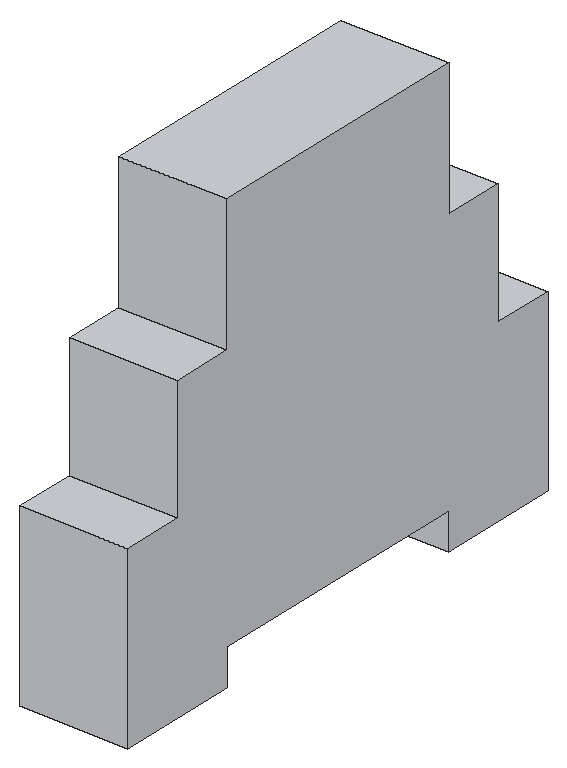
Revit family "Power-ModularDevices-GEWISS-90AM-BELL", category Apparecchi elettrici, host Superficie, Revit 2016
Family settings
  Host = Superficie
  Mantenere orientamento annotazione = Sì
  Tipo di parte = Normale
  Quota connettore circolare = Usa diametro
  Numero OmniClass = 23.80.50.00
  Titolo OmniClass = Terminals for Power Supply
  Taglio con vuoti quando caricato = No
  Condiviso = No
  Punto di calcolo locali = Sì
Parameters (values of type "GW96402 - BELL 230V AC 1M.")
  potenza in watt = 230 V
  carico = Altro
  Version file RFA = "18.0"
  URL = "https://www.gewiss.com/ww/en"
  Technical sheet = "https://www.gewiss.com/ww/en/search?q=GW96402"
  Spostamento_x = -3000 mm
  SS [instance] = 69.967 mm
  SIMBOLO IN PIANTA [instance] = yes
  SEO = ""
  Realized by GEWISS S.p.A. = ""
  Rated voltage = ""
  Default Elevation = 1219.2 mm
  Produttore = "GEWISS S.p.A."
  Power loss = ""
  Numero di poli = 1
  Spost_x_eff [instance] = 4000 mm + Spostamento_x  # 1000 mm
  No. of modules EN 50022 = ""
  No. Chorus modules = ""
  Modello = "GW96402"
  Immagine tipo = GW96402.jpg
  IFC.TypeObject = ""
  IFC.ExportType = ""
  IFC.ExportAs = ""
  IDT = "dbfca19a-79f5-41ac-b377-066fb2b6a901"
  IDF = "684af0da-83ee-4406-b97d-f9a1985257c7"
  Electrocod = "140                 "
  EAN code = "8011564063631"
  Descrizione = "BELL 230V AC 1M."
  Catalogue Range = "90 AM"
  Catalogue = "POWER"
  COBie.Tagnumber = ""
  COBie.CreatedOn = ""
  COBie.CreatebBy = ""
  COBie.ComponentRegisterItemID = ""
  COBie.Component.TagNumber = ""
  COBie.Component.Space = ""
  COBie.Component.SerialNumber = ""
  COBie.Component.InstallationDate = ""
  COBie.Component.Description = ""
  COBie.Component.BarCode = ""
  Barra_DIN = 5 mm
Types (3, lengths in mm): name | potenza in watt | URL | Technical sheet | SEO | Rated voltage | Produttore | Power loss | No. of modules EN 50022 | No. Chorus modules | Modello | IDT | Electrocod | EAN code | Descrizione
  (no name) | 12 V | 0 | "" | "" | "" | 0 | "" | "" | "" | 0 | "" | "" | "" | 0
  GW96402 - BELL 230V AC 1M. | 230 V | "https://www.gewiss.com/ww/en" | "https://www.gewiss.com/ww/en/search?q=GW96402" | "" | "" | "GEWISS S.p.A." | "" | "" | "" | "GW96402" | "dbfca19a-79f5-41ac-b377-066fb2b6a901" | "140                 " | "8011564063631" | "BELL 230V AC 1M."
  GW96401 - BELL 12V AC 1M. | 12 V | "https://www.gewiss.com/ww/en" | "https://www.gewiss.com/ww/en/search?q=GW96401" | "Ringer" | "12V" | "GEWISS S.p.A." | "5VA" | "1" | "1" | "GW96401" | "3f738c6a-3e8e-432f-81ff-ad0b073ce1fb" | "140" | "8011564063624" | "BELL 12V AC 1M."
Values of the unnamed type that differ from the named types
  Version file RFA = ""
  IDF = ""
  Catalogue Range = ""
  Catalogue = ""
Reference planes
  plane 1 "Centro (Fronte/Retro)": y = 0
  plane 2: z = 0
  plane 3 "Centro (Sinistra/Destra)": x = 0
  plane 4: z = 5
  plane 5: x = -1000
  plane 6: x = 0
  plane 7: y = 69.967
Text (mm)
  text "AB_O=5" at (124.836, -56.641, 0), in view "Livello rif."
Dimensions and locks
  "Barra_DIN": host face to plane 4
  "Spost_x_eff": plane 5 to plane 6
  "SS": plane 1 "Centro (Fronte/Retro)" to plane 7
  aligned and locked: plane 2 to host face
  aligned and locked: level to host face
  aligned and locked: plane 6 to nested 1
  aligned and locked: nested 2 to plane 4
  aligned and locked: nested 2 to plane 7
Automatic sketch dimensions
  host sketch curve to host sketch curve = 6519.2 mm
  host sketch curve to host sketch curve = 4328.142 mm
Nested families
  nested 1: "SUONRONZ" at (0, 112.467, 0), visible <- "SIMBOLO IN PIANTA", type "SUONRONZ"
  nested 2: "GENERICO - 90AM SUONERIE CON TRF" at (0, 69.967, 5), type "GENERICO - 90AM SUONERIE CON TRF"
Definition of nested family "GENERICO - 90AM SUONERIE CON TRF"
  Parameters (values of type "GENERICO - 90AM SUONERIE CON TRF")
    h_barra din = if(Altezza barre = 1 mm, 69.9 mm, if(Altezza barre = 2 mm, 115.8 mm, 0 mm))  # 0 mm
    H = if(AB_O = 1, AB_V, if(AB_O = 2, AB_H, 50.8 mm))  # 50.8 mm
    Dist barra din = 0 mm  # constant formula
    C1 = 49 mm  # constant formula
    C = 65 mm  # constant formula
    B = 85 mm  # constant formula
    Altezza barre = 5 mm  # constant formula
    AB_V = 3 mm  # constant formula
    AB_H = 5 mm  # constant formula
    AB_O = 0  # constant formula
    A = 17.5 mm  # constant formula
  Reference planes
    plane 1 "Centro (Fronte/Retro)": y = 0
    plane 2: z = 0
    plane 3 "Centro (Sinistra/Destra)": x = 0
    plane 4: y = -42.5
    plane 5: y = 42.5
    plane 6: z = 0
    plane 7: z = -6
    plane 8 "top": z = 65
    plane 9 "incasso": z = 43
    plane 10: y = -22.5
    plane 11: y = 22.5
    plane 12: x = -8.75
    plane 13: x = 8.75
    plane 14: through (4267.2, -42.5, 9) normal (0, -0.1901, 0.9818)
    plane 15 "retro": z = 23
    plane 16: y = -32.5
    plane 17: y = 32.5
  Forms (mm)
    Extrusion 1, solid
      sketch origin (0, 0, 0) x (0, 1, 0) y (0, 0, 1)
        loop
          line (-22.5, 0) -> (22.5, 0) -> (22.5, -6) -> (42.5, -6) -> (42.5, 23) -> (32.5, 23) -> (32.5, 43) -> (22.5, 43) -> (22.5, 65) -> (-22.5, 65) -> (-22.5, 43) -> (-32.5, 43) -> (-32.5, 23) -> (-42.5, 23) -> (-42.5, -6) -> (-22.5, -6) -> (-22.5, 0)
      from -8.75 to 8.75
  Lines and regions (mm)
    symbolic lines
      curve 1: line (0, 0, 15) -> (0, 0, -6)
      curve 2: line (0, -22.5, 0) -> (0, 22.5, 0)
    model lines, detail levels medium+fine
      curve 3: circle (-4.005, 37.125, 23) r 2.5 normal (0, 0, 1)
      curve 4: circle (4.505, 37.125, 23) r 2.5 normal (0, 0, 1)
      curve 5: circle (4.505, -37.278, 23) r 2.5 normal (0, 0, 1)
      curve 6: circle (-4.005, -37.278, 23) r 2.5 normal (0, 0, 1)
      curve 92: line (-4.016, 12.5, 65) -> (-4.231, 11.981, 65)
      curve 93: line (-4.231, 11.981, 65) -> (-4.75, 11.766, 65)
      curve 94: line (-4.75, 11.766, 65) -> (-5.269, 11.981, 65)
      curve 95: line (-5.269, 11.981, 65) -> (-5.484, 12.5, 65)
      curve 96: line (-5.484, 12.5, 65) -> (-5.269, 13.019, 65)
      curve 97: line (-5.269, 13.019, 65) -> (-4.75, 13.234, 65)
      curve 98: line (-4.75, 13.234, 65) -> (-4.231, 13.019, 65)
      curve 99: line (-4.231, 13.019, 65) -> (-4.016, 12.5, 65)
      curve 100: line (0.984, 12.5, 65) -> (0.769, 11.981, 65)
      curve 101: line (0.769, 11.981, 65) -> (0.25, 11.766, 65)
      curve 102: line (0.25, 11.766, 65) -> (-0.269, 11.981, 65)
      curve 103: line (-0.269, 11.981, 65) -> (-0.484, 12.5, 65)
      curve 104: line (-0.484, 12.5, 65) -> (-0.269, 13.019, 65)
      curve 105: line (-0.269, 13.019, 65) -> (0.25, 13.234, 65)
      curve 106: line (0.25, 13.234, 65) -> (0.769, 13.019, 65)
      curve 107: line (0.769, 13.019, 65) -> (0.984, 12.5, 65)
      curve 108: line (5.984, 12.5, 65) -> (5.769, 11.981, 65)
      curve 109: line (5.769, 11.981, 65) -> (5.25, 11.766, 65)
      curve 110: line (5.25, 11.766, 65) -> (4.731, 11.981, 65)
      curve 111: line (4.731, 11.981, 65) -> (4.516, 12.5, 65)
      curve 112: line (4.516, 12.5, 65) -> (4.731, 13.019, 65)
      curve 113: line (4.731, 13.019, 65) -> (5.25, 13.234, 65)
      curve 114: line (5.25, 13.234, 65) -> (5.769, 13.019, 65)
      curve 115: line (5.769, 13.019, 65) -> (5.984, 12.5, 65)
      curve 116: line (-4.016, 7.5, 65) -> (-4.231, 6.981, 65)
      curve 117: line (-4.231, 6.981, 65) -> (-4.75, 6.766, 65)
      curve 118: line (-4.75, 6.766, 65) -> (-5.269, 6.981, 65)
      curve 119: line (-5.269, 6.981, 65) -> (-5.484, 7.5, 65)
      curve 120: line (-5.484, 7.5, 65) -> (-5.269, 8.019, 65)
      curve 121: line (-5.269, 8.019, 65) -> (-4.75, 8.234, 65)
      curve 122: line (-4.75, 8.234, 65) -> (-4.231, 8.019, 65)
      curve 123: line (-4.231, 8.019, 65) -> (-4.016, 7.5, 65)
      curve 124: line (0.984, 7.5, 65) -> (0.769, 6.981, 65)
      curve 125: line (0.769, 6.981, 65) -> (0.25, 6.766, 65)
      curve 126: line (0.25, 6.766, 65) -> (-0.269, 6.981, 65)
      curve 127: line (-0.269, 6.981, 65) -> (-0.484, 7.5, 65)
      curve 128: line (-0.484, 7.5, 65) -> (-0.269, 8.019, 65)
      curve 129: line (-0.269, 8.019, 65) -> (0.25, 8.234, 65)
      curve 130: line (0.25, 8.234, 65) -> (0.769, 8.019, 65)
      curve 131: line (0.769, 8.019, 65) -> (0.984, 7.5, 65)
      curve 132: line (5.984, 7.5, 65) -> (5.769, 6.981, 65)
      curve 133: line (5.769, 6.981, 65) -> (5.25, 6.766, 65)
      curve 134: line (5.25, 6.766, 65) -> (4.731, 6.981, 65)
      curve 135: line (4.731, 6.981, 65) -> (4.516, 7.5, 65)
      curve 136: line (4.516, 7.5, 65) -> (4.731, 8.019, 65)
      curve 137: line (4.731, 8.019, 65) -> (5.25, 8.234, 65)
      curve 138: line (5.25, 8.234, 65) -> (5.769, 8.019, 65)
      curve 139: line (5.769, 8.019, 65) -> (5.984, 7.5, 65)
      curve 140: line (-4.016, 2.5, 65) -> (-4.231, 1.981, 65)
      curve 141: line (-4.231, 1.981, 65) -> (-4.75, 1.766, 65)
      curve 142: line (-4.75, 1.766, 65) -> (-5.269, 1.981, 65)
      curve 143: line (-5.269, 1.981, 65) -> (-5.484, 2.5, 65)
      curve 144: line (-5.484, 2.5, 65) -> (-5.269, 3.019, 65)
      curve 145: line (-5.269, 3.019, 65) -> (-4.75, 3.234, 65)
      curve 146: line (-4.75, 3.234, 65) -> (-4.231, 3.019, 65)
      curve 147: line (-4.231, 3.019, 65) -> (-4.016, 2.5, 65)
      curve 148: line (0.984, 2.5, 65) -> (0.769, 1.981, 65)
      curve 149: line (0.769, 1.981, 65) -> (0.25, 1.766, 65)
      curve 150: line (0.25, 1.766, 65) -> (-0.269, 1.981, 65)
      curve 151: line (-0.269, 1.981, 65) -> (-0.484, 2.5, 65)
      curve 152: line (-0.484, 2.5, 65) -> (-0.269, 3.019, 65)
      curve 153: line (-0.269, 3.019, 65) -> (0.25, 3.234, 65)
      curve 154: line (0.25, 3.234, 65) -> (0.769, 3.019, 65)
      curve 155: line (0.769, 3.019, 65) -> (0.984, 2.5, 65)
      curve 156: line (5.984, 2.5, 65) -> (5.769, 1.981, 65)
      curve 157: line (5.769, 1.981, 65) -> (5.25, 1.766, 65)
      curve 158: line (5.25, 1.766, 65) -> (4.731, 1.981, 65)
      curve 159: line (4.731, 1.981, 65) -> (4.516, 2.5, 65)
      curve 160: line (4.516, 2.5, 65) -> (4.731, 3.019, 65)
      curve 161: line (4.731, 3.019, 65) -> (5.25, 3.234, 65)
      curve 162: line (5.25, 3.234, 65) -> (5.769, 3.019, 65)
      curve 163: line (5.769, 3.019, 65) -> (5.984, 2.5, 65)
      curve 164: line (-4.016, -2.5, 65) -> (-4.231, -3.019, 65)
      curve 165: line (-4.231, -3.019, 65) -> (-4.75, -3.234, 65)
      curve 166: line (-4.75, -3.234, 65) -> (-5.269, -3.019, 65)
      curve 167: line (-5.269, -3.019, 65) -> (-5.484, -2.5, 65)
      curve 168: line (-5.484, -2.5, 65) -> (-5.269, -1.981, 65)
      curve 169: line (-5.269, -1.981, 65) -> (-4.75, -1.766, 65)
      curve 170: line (-4.75, -1.766, 65) -> (-4.231, -1.981, 65)
      curve 171: line (-4.231, -1.981, 65) -> (-4.016, -2.5, 65)
      curve 172: line (0.984, -2.5, 65) -> (0.769, -3.019, 65)
      curve 173: line (0.769, -3.019, 65) -> (0.25, -3.234, 65)
      curve 174: line (0.25, -3.234, 65) -> (-0.269, -3.019, 65)
      curve 175: line (-0.269, -3.019, 65) -> (-0.484, -2.5, 65)
      curve 176: line (-0.484, -2.5, 65) -> (-0.269, -1.981, 65)
      curve 177: line (-0.269, -1.981, 65) -> (0.25, -1.766, 65)
      curve 178: line (0.25, -1.766, 65) -> (0.769, -1.981, 65)
      curve 179: line (0.769, -1.981, 65) -> (0.984, -2.5, 65)
      curve 180: line (5.984, -2.5, 65) -> (5.769, -3.019, 65)
      curve 181: line (5.769, -3.019, 65) -> (5.25, -3.234, 65)
      curve 182: line (5.25, -3.234, 65) -> (4.731, -3.019, 65)
      curve 183: line (4.731, -3.019, 65) -> (4.516, -2.5, 65)
      curve 184: line (4.516, -2.5, 65) -> (4.731, -1.981, 65)
      curve 185: line (4.731, -1.981, 65) -> (5.25, -1.766, 65)
      curve 186: line (5.25, -1.766, 65) -> (5.769, -1.981, 65)
      curve 187: line (5.769, -1.981, 65) -> (5.984, -2.5, 65)
      curve 188: line (-4.016, -7.5, 65) -> (-4.231, -8.019, 65)
      curve 189: line (-4.231, -8.019, 65) -> (-4.75, -8.234, 65)
      curve 190: line (-4.75, -8.234, 65) -> (-5.269, -8.019, 65)
      curve 191: line (-5.269, -8.019, 65) -> (-5.484, -7.5, 65)
      curve 192: line (-5.484, -7.5, 65) -> (-5.269, -6.981, 65)
      curve 193: line (-5.269, -6.981, 65) -> (-4.75, -6.766, 65)
      curve 194: line (-4.75, -6.766, 65) -> (-4.231, -6.981, 65)
      curve 195: line (-4.231, -6.981, 65) -> (-4.016, -7.5, 65)
      curve 196: line (0.984, -7.5, 65) -> (0.769, -8.019, 65)
      curve 197: line (0.769, -8.019, 65) -> (0.25, -8.234, 65)
      curve 198: line (0.25, -8.234, 65) -> (-0.269, -8.019, 65)
      curve 199: line (-0.269, -8.019, 65) -> (-0.484, -7.5, 65)
      curve 200: line (-0.484, -7.5, 65) -> (-0.269, -6.981, 65)
      curve 201: line (-0.269, -6.981, 65) -> (0.25, -6.766, 65)
      curve 202: line (0.25, -6.766, 65) -> (0.769, -6.981, 65)
      curve 203: line (0.769, -6.981, 65) -> (0.984, -7.5, 65)
      curve 204: line (5.984, -7.5, 65) -> (5.769, -8.019, 65)
      curve 205: line (5.769, -8.019, 65) -> (5.25, -8.234, 65)
      curve 206: line (5.25, -8.234, 65) -> (4.731, -8.019, 65)
      curve 207: line (4.731, -8.019, 65) -> (4.516, -7.5, 65)
      curve 208: line (4.516, -7.5, 65) -> (4.731, -6.981, 65)
      curve 209: line (4.731, -6.981, 65) -> (5.25, -6.766, 65)
      curve 210: line (5.25, -6.766, 65) -> (5.769, -6.981, 65)
      curve 211: line (5.769, -6.981, 65) -> (5.984, -7.5, 65)
    model lines, detail levels fine
      curve 7: line (-5.08, -19.371, 65) -> (-5.08, -21.488, 65)
      curve 8: line (-5.08, -21.488, 65) -> (-5.789, -21.488, 65)
      curve 9: line (-5.789, -21.488, 65) -> (-6.201, -21.436, 65)
      curve 10: line (-6.201, -21.436, 65) -> (-6.704, -21.213, 65)
      curve 11: line (-6.704, -21.213, 65) -> (-7.103, -20.842, 65)
      curve 12: line (-7.103, -20.842, 65) -> (-7.368, -20.343, 65)
      curve 13: line (-7.368, -20.343, 65) -> (-7.45, -19.81, 65)
      curve 14: line (-7.45, -19.81, 65) -> (-7.371, -19.32, 65)
      curve 15: line (-7.371, -19.32, 65) -> (-7.158, -18.887, 65)
      curve 16: line (-7.158, -18.887, 65) -> (-6.777, -18.492, 65)
      curve 17: line (-6.777, -18.492, 65) -> (-6.315, -18.252, 65)
      curve 18: line (-6.315, -18.252, 65) -> (-5.796, -18.166, 65)
      curve 19: line (-5.796, -18.166, 65) -> (-5.08, -18.166, 65)
      curve 20: line (-5.08, -18.166, 65) -> (-5.08, -19.079, 65)
      curve 21: line (-5.08, -19.079, 65) -> (-6.285, -19.079, 65)
      curve 22: line (-6.285, -19.079, 65) -> (-6.285, -20.575, 65)
      curve 23: line (-6.285, -20.575, 65) -> (-5.992, -20.575, 65)
      curve 24: line (-5.992, -20.575, 65) -> (-5.992, -19.371, 65)
      curve 25: line (-5.992, -19.371, 65) -> (-5.08, -19.371, 65)
      curve 26: line (-2.215, -21.488, 65) -> (-4.788, -21.488, 65)
      curve 27: line (-4.788, -21.488, 65) -> (-4.788, -18.166, 65)
      curve 28: line (-4.788, -18.166, 65) -> (-3.42, -18.166, 65)
      curve 29: line (-3.42, -18.166, 65) -> (-3.42, -19.079, 65)
      curve 30: line (-3.42, -19.079, 65) -> (-3.876, -19.079, 65)
      curve 31: line (-3.876, -19.079, 65) -> (-3.876, -19.371, 65)
      curve 32: line (-3.876, -19.371, 65) -> (-2.215, -19.371, 65)
      curve 33: line (-2.215, -19.371, 65) -> (-2.215, -20.283, 65)
      curve 34: line (-2.215, -20.283, 65) -> (-3.876, -20.283, 65)
      curve 35: line (-3.876, -20.283, 65) -> (-3.876, -20.575, 65)
      curve 36: line (-3.876, -20.575, 65) -> (-2.215, -20.575, 65)
      curve 37: line (-2.215, -20.575, 65) -> (-2.215, -21.488, 65)
      curve 38: line (2.438, -21.488, 65) -> (2.438, -19.371, 65)
      curve 39: line (2.438, -19.371, 65) -> (1.525, -19.371, 65)
      curve 40: line (1.525, -19.371, 65) -> (1.525, -21.488, 65)
      curve 41: line (1.525, -21.488, 65) -> (2.438, -21.488, 65)
      curve 42: line (-0.619, -21.488, 65) -> (-0.345, -20.119, 65)
      curve 43: line (-0.345, -20.119, 65) -> (-0.071, -21.488, 65)
      curve 44: line (-0.071, -21.488, 65) -> (0.841, -21.488, 65)
      curve 45: line (0.841, -21.488, 65) -> (1.407, -19.079, 65)
      curve 46: line (1.407, -19.079, 65) -> (2.438, -19.079, 65)
      curve 47: line (2.438, -19.079, 65) -> (2.438, -18.166, 65)
      curve 48: line (2.438, -18.166, 65) -> (0.686, -18.166, 65)
      curve 49: line (0.686, -18.166, 65) -> (0.358, -19.572, 65)
      curve 50: line (0.358, -19.572, 65) -> (0.13, -18.166, 65)
      curve 51: line (0.13, -18.166, 65) -> (-0.819, -18.166, 65)
      curve 52: line (-0.819, -18.166, 65) -> (-1.047, -19.572, 65)
      curve 53: line (-1.047, -19.572, 65) -> (-1.376, -18.166, 65)
      curve 54: line (-1.376, -18.166, 65) -> (-3.128, -18.166, 65)
      curve 55: line (-3.128, -18.166, 65) -> (-3.128, -19.079, 65)
      curve 56: line (-3.128, -19.079, 65) -> (-2.097, -19.079, 65)
      curve 57: line (-2.097, -19.079, 65) -> (-1.532, -21.488, 65)
      curve 58: line (-1.532, -21.488, 65) -> (-0.619, -21.488, 65)
      curve 59: line (5.303, -18.166, 65) -> (2.73, -18.166, 65)
      curve 60: line (2.73, -18.166, 65) -> (2.73, -20.283, 65)
      curve 61: line (2.73, -20.283, 65) -> (4.39, -20.283, 65)
      curve 62: line (4.39, -20.283, 65) -> (4.39, -20.575, 65)
      curve 63: line (4.39, -20.575, 65) -> (2.73, -20.575, 65)
      curve 64: line (2.73, -20.575, 65) -> (2.73, -21.488, 65)
      curve 65: line (2.73, -21.488, 65) -> (5.303, -21.488, 65)
      curve 66: line (5.303, -21.488, 65) -> (5.303, -19.371, 65)
      curve 67: line (5.303, -19.371, 65) -> (3.642, -19.371, 65)
      curve 68: line (3.642, -19.371, 65) -> (3.642, -19.079, 65)
      curve 69: line (3.642, -19.079, 65) -> (5.303, -19.079, 65)
      curve 70: line (5.303, -19.079, 65) -> (5.303, -18.166, 65)
      curve 71: line (5.595, -18.166, 65) -> (5.595, -20.283, 65)
      curve 72: line (5.595, -20.283, 65) -> (7.143, -20.283, 65)
      curve 73: line (7.143, -20.283, 65) -> (7.143, -20.575, 65)
      curve 74: line (7.143, -20.575, 65) -> (5.595, -20.575, 65)
      curve 75: line (5.595, -20.575, 65) -> (5.595, -21.488, 65)
      curve 76: line (5.595, -21.488, 65) -> (6.507, -21.488, 65)
      curve 77: line (6.507, -21.488, 65) -> (7.034, -21.318, 65)
      curve 78: line (7.034, -21.318, 65) -> (7.374, -21.097, 65)
      curve 79: line (7.374, -21.097, 65) -> (7.764, -20.619, 65)
      curve 80: line (7.764, -20.619, 65) -> (7.945, -20.083, 65)
      curve 81: line (7.945, -20.083, 65) -> (7.95, -19.607, 65)
      curve 82: line (7.95, -19.607, 65) -> (7.901, -19.371, 65)
      curve 83: line (7.901, -19.371, 65) -> (6.507, -19.371, 65)
      curve 84: line (6.507, -19.371, 65) -> (6.507, -19.079, 65)
      curve 85: line (6.507, -19.079, 65) -> (7.776, -19.079, 65)
      curve 86: line (7.776, -19.079, 65) -> (7.611, -18.803, 65)
      curve 87: line (7.611, -18.803, 65) -> (7.374, -18.557, 65)
      curve 88: line (7.374, -18.557, 65) -> (7.044, -18.34, 65)
      curve 89: line (7.044, -18.34, 65) -> (6.699, -18.214, 65)
      curve 90: line (6.699, -18.214, 65) -> (6.311, -18.166, 65)
      curve 91: line (6.311, -18.166, 65) -> (5.595, -18.166, 65)
  Text (mm)
    text "AB_V" at (0, 50.868, 44.72), in view "Destra"
    text "AB_O" at (0, -80.659, 111.963), in view "Destra"
  Dimensions and locks
    equal spacing: plane 4, plane 1 "Centro (Fronte/Retro)", plane 5
    "B": plane 4 to plane 5
    "Dist barra din": plane 6 to level
    locked: plane 6 to plane 7 at 6
    "C": plane 8 "top" to plane 6
    equal spacing: plane 10, plane 1 "Centro (Fronte/Retro)", plane 11
    plane 10 to plane 11 = 45 mm
    equal spacing: plane 12, plane 3 "Centro (Sinistra/Destra)", plane 13
    "A": plane 12 to plane 13
    "C1": plane 9 "incasso" to plane 7
    locked: plane 16 to plane 10 at 10
    locked: plane 11 to plane 17 at 10
    angle level to plane 14 = 10.9557°
    angle plane 4 to plane 8 "top" = 90.00°
    aligned and locked: level to plane 2
    aligned and locked: Extrusion 1 sketch curve to plane 6
    aligned and locked: Extrusion 1 sketch curve to plane 7
    aligned and locked: Extrusion 1 sketch curve to plane 4
    aligned and locked: Extrusion 1 sketch curve to plane 11  (x2)
    aligned and locked: Extrusion 1 sketch curve to plane 10
    aligned and locked: plane 1 "Centro (Fronte/Retro)" to curve 1
    aligned and locked: Extrusion 1 to plane 6
    aligned and locked: Extrusion 1 to plane 12
    aligned and locked: plane 13 to Extrusion 1
    aligned and locked: plane 10 to Extrusion 1 sketch curve
    aligned and locked: Extrusion 1 sketch curve to plane 9 "incasso"
    aligned and locked: plane 9 "incasso" to Extrusion 1 sketch curve
    aligned and locked: Extrusion 1 sketch curve to plane 5
    aligned and locked: Extrusion 1 sketch curve to plane 16
    aligned and locked: Extrusion 1 sketch curve to plane 17
    aligned and locked: Extrusion 1 sketch curve to plane 15 "retro"
    aligned and locked: plane 15 "retro" to Extrusion 1 sketch curve
  Automatic sketch dimensions
    Extrusion 1 sketch curve to plane 7 = 0 mm
    Extrusion 1 sketch curve to plane 8 "top" = 0 mm
    curve 2 to level = 0 mm
    curve 2 to plane 10 = 0 mm
    curve 2 to plane 11 = 0 mm
    curve 1 to plane 7 = 0 mm
    plane 15 "retro" to curve 1 = 8 mm
    plane 12 to curve 98 = 4 mm
    curve 98 to plane 11 = 9.266 mm
    curve 114 to plane 13 = 3.5 mm
    curve 114 to plane 11 = 9.266 mm
    plane 3 "Centro (Sinistra/Destra)" to curve 105 = 0.25 mm
    curve 97 to curve 105 = 0 mm
    plane 12 to curve 96 = 3.481 mm
    curve 97 to curve 96 = 0.215 mm
    curve 115 to plane 13 = 2.981 mm
    curve 113 to curve 115 = 0.215 mm
    curve 98 to plane 3 "Centro (Sinistra/Destra)" = 4.231 mm
    curve 97 to curve 98 = 0.215 mm
    curve 104 to plane 3 "Centro (Sinistra/Destra)" = 0.269 mm
    curve 105 to curve 104 = 0.215 mm
    curve 112 to plane 13 = 4.019 mm
    curve 114 to curve 112 = 0.215 mm
    plane 3 "Centro (Sinistra/Destra)" to curve 107 = 0.769 mm
    curve 105 to curve 107 = 0.215 mm
    curve 111 to plane 13 = 4.234 mm
    curve 112 to curve 111 = 0.519 mm
    plane 12 to curve 95 = 3.266 mm
    curve 96 to curve 95 = 0.519 mm
    curve 99 to plane 3 "Centro (Sinistra/Destra)" = 4.016 mm
    curve 98 to curve 99 = 0.519 mm
    plane 3 "Centro (Sinistra/Destra)" to curve 100 = 0.984 mm
    curve 106 to curve 100 = 0.519 mm
    curve 108 to plane 13 = 2.766 mm
    curve 114 to curve 108 = 0.519 mm
    curve 104 to plane 3 "Centro (Sinistra/Destra)" = 0.484 mm
    curve 104 to curve 104 = 0.519 mm
    curve 102 to plane 3 "Centro (Sinistra/Destra)" = 0.269 mm
    curve 103 to curve 102 = 0.519 mm
    plane 12 to curve 94 = 3.481 mm
    curve 96 to curve 94 = 0.519 mm
    curve 110 to plane 13 = 4.019 mm
    curve 111 to curve 110 = 0.519 mm
    curve 109 to plane 13 = 2.981 mm
    curve 108 to curve 109 = 0.519 mm
    curve 92 to plane 3 "Centro (Sinistra/Destra)" = 4.231 mm
    curve 92 to curve 92 = 0.519 mm
    plane 3 "Centro (Sinistra/Destra)" to curve 100 = 0.769 mm
    curve 100 to curve 100 = 0.519 mm
    plane 3 "Centro (Sinistra/Destra)" to curve 101 = 0.25 mm
    curve 100 to curve 101 = 0.215 mm
    curve 109 to plane 13 = 3.5 mm
    curve 110 to curve 109 = 0.215 mm
    plane 12 to curve 94 = 4 mm
    curve 94 to curve 94 = 0.215 mm
    curve 138 to plane 13 = 3.5 mm
    curve 109 to curve 138 = 3.531 mm
    plane 12 to curve 122 = 4 mm
    curve 93 to curve 122 = 3.531 mm
    plane 3 "Centro (Sinistra/Destra)" to curve 130 = 0.25 mm
    curve 101 to curve 130 = 3.531 mm
    plane 3 "Centro (Sinistra/Destra)" to curve 131 = 0.769 mm
    curve 129 to curve 131 = 0.215 mm
    curve 137 to curve 137 = 0.215 mm
    plane 12 to curve 120 = 3.481 mm
    curve 121 to curve 120 = 0.215 mm
    curve 128 to plane 3 "Centro (Sinistra/Destra)" = 0.269 mm
    curve 129 to curve 128 = 0.215 mm
    curve 138 to plane 13 = 2.981 mm
    curve 137 to curve 138 = 0.215 mm
    curve 121 to curve 123 = 0.215 mm
    curve 136 to curve 136 = 0.519 mm
    curve 128 to plane 3 "Centro (Sinistra/Destra)" = 0.484 mm
    curve 128 to curve 128 = 0.519 mm
    plane 3 "Centro (Sinistra/Destra)" to curve 124 = 0.984 mm
    curve 130 to curve 124 = 0.519 mm
    curve 122 to curve 116 = 0.519 mm
    plane 12 to curve 120 = 3.266 mm
    curve 120 to curve 120 = 0.519 mm
    curve 132 to plane 13 = 2.766 mm
    curve 138 to curve 132 = 0.519 mm
    plane 3 "Centro (Sinistra/Destra)" to curve 124 = 0.769 mm
    curve 124 to curve 124 = 0.519 mm
    curve 116 to curve 117 = 0.519 mm
    curve 126 to plane 3 "Centro (Sinistra/Destra)" = 0.269 mm
    curve 127 to curve 126 = 0.519 mm
    curve 135 to curve 135 = 0.519 mm
    curve 133 to plane 13 = 2.981 mm
    curve 132 to curve 133 = 0.519 mm
    plane 12 to curve 119 = 3.481 mm
    curve 120 to curve 119 = 0.519 mm
    curve 134 to curve 133 = 0.215 mm
    plane 3 "Centro (Sinistra/Destra)" to curve 126 = 0.25 mm
    curve 124 to curve 126 = 0.215 mm
    curve 118 to curve 117 = 0.215 mm
    plane 3 "Centro (Sinistra/Destra)" to curve 154 = 0.25 mm
    curve 154 to plane 1 "Centro (Fronte/Retro)" = 3.234 mm
    curve 161 to plane 1 "Centro (Fronte/Retro)" = 3.234 mm
    curve 145 to plane 1 "Centro (Fronte/Retro)" = 3.234 mm
    curve 152 to plane 3 "Centro (Sinistra/Destra)" = 0.269 mm
    curve 153 to curve 152 = 0.215 mm
    curve 145 to curve 147 = 0.215 mm
    curve 162 to curve 161 = 0.215 mm
    curve 161 to curve 162 = 0.215 mm
    plane 3 "Centro (Sinistra/Destra)" to curve 154 = 0.769 mm
    curve 153 to curve 154 = 0.215 mm
    curve 145 to curve 144 = 0.215 mm
    curve 162 to curve 163 = 0.519 mm
    curve 151 to plane 3 "Centro (Sinistra/Destra)" = 0.484 mm
    curve 152 to curve 151 = 0.519 mm
    curve 145 to curve 143 = 0.519 mm
    plane 3 "Centro (Sinistra/Destra)" to curve 148 = 0.984 mm
    curve 154 to curve 148 = 0.519 mm
    curve 146 to curve 147 = 0.519 mm
    curve 161 to curve 159 = 0.519 mm
    plane 3 "Centro (Sinistra/Destra)" to curve 148 = 0.769 mm
    curve 155 to curve 148 = 0.519 mm
    curve 143 to curve 143 = 0.519 mm
    curve 163 to curve 157 = 0.519 mm
    curve 151 to plane 3 "Centro (Sinistra/Destra)" = 0.269 mm
    curve 151 to curve 151 = 0.519 mm
    curve 147 to curve 141 = 0.519 mm
    curve 159 to curve 159 = 0.519 mm
    plane 3 "Centro (Sinistra/Destra)" to curve 150 = 0.25 mm
    curve 148 to curve 150 = 0.215 mm
    curve 159 to curve 158 = 0.215 mm  (x2)
    curve 142 to curve 141 = 0.215 mm
    plane 1 "Centro (Fronte/Retro)" to curve 169 = 1.766 mm
    plane 3 "Centro (Sinistra/Destra)" to curve 177 = 0.25 mm
    plane 1 "Centro (Fronte/Retro)" to curve 177 = 1.766 mm
    plane 1 "Centro (Fronte/Retro)" to curve 186 = 1.766 mm
    curve 176 to plane 3 "Centro (Sinistra/Destra)" = 0.269 mm
    curve 177 to curve 176 = 0.215 mm
    curve 169 to curve 168 = 0.215 mm
    curve 186 to curve 187 = 0.215 mm
    curve 186 to curve 184 = 0.215 mm
    plane 3 "Centro (Sinistra/Destra)" to curve 179 = 0.769 mm
    curve 177 to curve 179 = 0.215 mm
    curve 169 to curve 170 = 0.215 mm
    curve 175 to plane 3 "Centro (Sinistra/Destra)" = 0.484 mm
    curve 176 to curve 175 = 0.519 mm
    curve 184 to curve 183 = 0.519 mm
    curve 187 to curve 187 = 0.519 mm
    curve 170 to curve 164 = 0.519 mm
    curve 168 to curve 167 = 0.519 mm
    plane 3 "Centro (Sinistra/Destra)" to curve 179 = 0.984 mm
    curve 178 to curve 179 = 0.519 mm
    plane 3 "Centro (Sinistra/Destra)" to curve 173 = 0.769 mm
    curve 172 to curve 173 = 0.519 mm
    curve 180 to curve 181 = 0.519 mm
    curve 183 to curve 183 = 0.519 mm
    curve 174 to plane 3 "Centro (Sinistra/Destra)" = 0.269 mm
    curve 175 to curve 174 = 0.519 mm
    curve 167 to curve 167 = 0.519 mm
    curve 171 to curve 164 = 0.519 mm
    curve 182 to curve 181 = 0.215 mm
    curve 166 to curve 166 = 0.215 mm
    plane 3 "Centro (Sinistra/Destra)" to curve 174 = 0.25 mm
    curve 172 to curve 174 = 0.215 mm
    curve 165 to curve 194 = 3.531 mm
    curve 181 to curve 209 = 3.531 mm
    plane 3 "Centro (Sinistra/Destra)" to curve 201 = 0.25 mm
    curve 173 to curve 201 = 3.531 mm
    curve 193 to curve 194 = 0.215 mm
    curve 210 to plane 13 = 2.981 mm
    curve 209 to curve 210 = 0.215 mm
    curve 210 to curve 209 = 0.215 mm
    plane 12 to curve 193 = 3.481 mm
    curve 193 to curve 193 = 0.215 mm
    curve 200 to plane 3 "Centro (Sinistra/Destra)" = 0.269 mm
    curve 201 to curve 200 = 0.215 mm
    plane 3 "Centro (Sinistra/Destra)" to curve 203 = 0.769 mm
    curve 201 to curve 203 = 0.215 mm
    curve 208 to curve 208 = 0.519 mm
    curve 199 to plane 3 "Centro (Sinistra/Destra)" = 0.484 mm
    curve 200 to curve 199 = 0.519 mm
    plane 3 "Centro (Sinistra/Destra)" to curve 196 = 0.984 mm
    curve 202 to curve 196 = 0.519 mm
    curve 204 to plane 13 = 2.766 mm
    curve 210 to curve 204 = 0.519 mm
    plane 12 to curve 192 = 3.266 mm
    curve 192 to curve 192 = 0.519 mm
    curve 194 to curve 195 = 0.519 mm
    curve 195 to curve 188 = 0.519 mm
    curve 205 to plane 13 = 2.981 mm
    curve 204 to curve 205 = 0.519 mm
    plane 12 to curve 190 = 3.481 mm
    curve 191 to curve 190 = 0.519 mm
    curve 207 to curve 206 = 0.519 mm
    curve 199 to plane 3 "Centro (Sinistra/Destra)" = 0.269 mm
    curve 199 to curve 199 = 0.519 mm
    plane 3 "Centro (Sinistra/Destra)" to curve 197 = 0.769 mm
    curve 196 to curve 197 = 0.519 mm
    plane 12 to curve 190 = 4 mm
    curve 190 to curve 190 = 0.215 mm
    plane 3 "Centro (Sinistra/Destra)" to curve 197 = 0.25 mm
    curve 196 to curve 197 = 0.215 mm
    curve 205 to plane 13 = 3.5 mm
    curve 206 to curve 205 = 0.215 mm
    plane 10 to curve 90 = 4.334 mm
    curve 52 to plane 3 "Centro (Sinistra/Destra)" = 0.819 mm
    plane 10 to curve 52 = 4.334 mm
    curve 20 to curve 51 = 0 mm
    curve 53 to plane 3 "Centro (Sinistra/Destra)" = 1.376 mm
    curve 53 to curve 51 = 0 mm
    curve 50 to curve 47 = 0 mm
    curve 19 to curve 27 = 0 mm
    curve 70 to curve 71 = 0 mm
    curve 90 to plane 13 = 2.051 mm
    curve 90 to curve 90 = 0.048 mm
    curve 18 to curve 18 = 0.085 mm
    curve 88 to plane 13 = 1.706 mm
    curve 89 to curve 88 = 0.126 mm
    plane 12 to curve 17 = 1.973 mm
    curve 18 to curve 17 = 0.24 mm
    curve 87 to plane 13 = 1.376 mm
    curve 88 to curve 87 = 0.217 mm
    curve 86 to plane 13 = 1.139 mm
    curve 87 to curve 86 = 0.246 mm
    plane 12 to curve 15 = 1.592 mm
    curve 16 to curve 15 = 0.395 mm
    curve 28 to curve 30 = 0.912 mm
    curve 87 to curve 85 = 0.276 mm
    curve 53 to curve 56 = 0.913 mm
    curve 47 to curve 47 = 0.913 mm
    curve 46 to curve 68 = 0 mm
    curve 16 to curve 22 = 0.587 mm
    plane 12 to curve 14 = 1.379 mm
    curve 15 to curve 14 = 0.433 mm
    curve 56 to curve 32 = 0.292 mm
    curve 68 to curve 67 = 0.292 mm
    curve 84 to curve 84 = 0.292 mm
    curve 46 to curve 38 = 0.292 mm
    curve 20 to curve 25 = 0.292 mm
    plane 3 "Centro (Sinistra/Destra)" to curve 49 = 0.358 mm
    curve 45 to curve 49 = 0.493 mm
    curve 52 to plane 3 "Centro (Sinistra/Destra)" = 1.047 mm
    curve 56 to curve 52 = 0.493 mm
    curve 81 to plane 13 = 0.8 mm
    curve 82 to curve 81 = 0.237 mm
    plane 12 to curve 14 = 1.3 mm
    curve 14 to curve 14 = 0.491 mm
    curve 80 to plane 13 = 0.805 mm
    curve 81 to curve 80 = 0.476 mm
    curve 43 to plane 3 "Centro (Sinistra/Destra)" = 0.345 mm
    curve 52 to curve 43 = 0.547 mm
    curve 80 to curve 72 = 0.2 mm
    curve 38 to curve 60 = 0.912 mm
    curve 32 to curve 33 = 0.913 mm
    curve 13 to curve 12 = 0.532 mm
    curve 34 to curve 35 = 0.292 mm
    curve 60 to curve 64 = 0.292 mm
    curve 71 to curve 75 = 0.292 mm
    curve 12 to curve 22 = 0.233 mm
    curve 80 to curve 80 = 0.536 mm
    curve 12 to curve 11 = 0.5 mm
    curve 73 to curve 78 = 0.521 mm
    curve 11 to curve 10 = 0.371 mm
    curve 78 to curve 78 = 0.222 mm
    curve 10 to curve 10 = 0.223 mm
    curve 9 to curve 9 = 0.052 mm
    curve 7 to curve 26 = 0 mm
    curve 74 to curve 66 = 0.912 mm
    plane 10 to curve 45 = 1.012 mm
    curve 65 to curve 75 = 0 mm
    curve 58 to curve 43 = 0 mm
    curve 41 to curve 64 = 0 mm
    curve 13 to curve 13 = 0.082 mm
    curve 12 to curve 12 = 0.265 mm
    curve 11 to curve 11 = 0.4 mm
    curve 16 to curve 17 = 0.461 mm
    curve 16 to curve 21 = 0.492 mm
    curve 10 to curve 9 = 0.503 mm
    curve 21 to curve 24 = 0.293 mm
    curve 17 to curve 18 = 0.519 mm
    curve 9 to curve 8 = 0.411 mm
    plane 12 to curve 167 = 3.266 mm
    plane 12 to curve 144 = 3.266 mm
    curve 143 to curve 142 = 0.215 mm
    curve 144 to curve 144 = 0.215 mm
    curve 168 to curve 168 = 0.215 mm
    curve 167 to curve 166 = 0.215 mm
    curve 18 to curve 20 = 0.716 mm
    curve 7 to curve 20 = 0 mm
    curve 19 to curve 28 = 0.292 mm
    curve 142 to curve 142 = 0.519 mm
    curve 144 to curve 145 = 0.519 mm
    curve 192 to curve 194 = 0.519 mm
    curve 166 to curve 166 = 0.519 mm
    curve 118 to curve 118 = 0.519 mm
    curve 168 to curve 169 = 0.519 mm
    curve 142 to curve 140 = 0.519 mm
    curve 166 to curve 164 = 0.519 mm
    curve 145 to curve 147 = 0.519 mm
    curve 169 to curve 170 = 0.519 mm
    curve 190 to curve 188 = 0.519 mm
    curve 193 to curve 194 = 0.519 mm
    curve 118 to curve 116 = 0.519 mm
    curve 121 to curve 122 = 0.519 mm
    curve 146 to curve 140 = 0.215 mm
    curve 122 to curve 123 = 0.215 mm
    curve 188 to curve 195 = 0.215 mm
    curve 170 to curve 164 = 0.215 mm
    curve 20 to curve 30 = 1.204 mm
    curve 31 to curve 35 = 0.001 mm
    curve 30 to curve 29 = 0.457 mm
    curve 29 to curve 55 = 0.292 mm
    curve 33 to curve 52 = 1.168 mm
    curve 33 to curve 37 = 0 mm
    curve 32 to curve 56 = 0.119 mm
    curve 26 to curve 58 = 0.683 mm
    curve 42 to plane 3 "Centro (Sinistra/Destra)" = 0.619 mm
    curve 43 to plane 3 "Centro (Sinistra/Destra)" = 0.071 mm
    plane 3 "Centro (Sinistra/Destra)" to curve 50 = 0.13 mm
    curve 50 to curve 49 = 0.557 mm
    plane 3 "Centro (Sinistra/Destra)" to curve 44 = 0.841 mm
    curve 49 to curve 45 = 1.049 mm
    curve 45 to curve 39 = 0.119 mm
    curve 45 to curve 47 = 1.031 mm
    curve 38 to curve 46 = 0 mm
    curve 38 to curve 60 = 0.292 mm
    curve 38 to curve 65 = 0.292 mm
    curve 38 to curve 67 = 1.204 mm
    curve 67 to curve 62 = 0.748 mm
    curve 135 to curve 137 = 0.734 mm
    curve 148 to curve 159 = 3.531 mm
    curve 172 to curve 183 = 3.531 mm
    curve 207 to curve 205 = 0.734 mm
    curve 135 to curve 136 = 0.215 mm
    curve 159 to curve 160 = 0.215 mm
    curve 207 to curve 209 = 0.215 mm
    curve 207 to curve 205 = 0.519 mm
    curve 135 to curve 135 = 0.215 mm
    curve 183 to curve 182 = 0.215 mm
    curve 183 to curve 184 = 0.215 mm
    curve 184 to curve 186 = 0.519 mm
    curve 182 to curve 182 = 0.519 mm
    curve 134 to curve 134 = 0.519 mm
    curve 209 to curve 210 = 0.519 mm
    curve 160 to curve 162 = 0.519 mm
    curve 159 to curve 157 = 0.519 mm
    curve 61 to curve 69 = 0.912 mm
    curve 66 to curve 69 = 0 mm
    curve 65 to curve 76 = 0.292 mm
    curve 59 to curve 91 = 0.292 mm
    curve 186 to curve 186 = 0.519 mm
    curve 157 to curve 156 = 0.519 mm
    curve 161 to curve 162 = 0.519 mm
    curve 181 to curve 180 = 0.519 mm
    curve 187 to curve 187 = 0.215 mm
    curve 162 to curve 163 = 0.215 mm
    curve 91 to curve 89 = 0.388 mm
    curve 75 to curve 76 = 0.912 mm
    curve 83 to curve 88 = 0.537 mm
    curve 76 to curve 78 = 0.527 mm
    curve 77 to curve 73 = 0.109 mm
    curve 77 to curve 78 = 0.34 mm
    curve 80 to curve 80 = 0.181 mm
    curve 87 to curve 85 = 0.165 mm
    curve 83 to curve 81 = 0.049 mm
    plane 16 to curve 6 = 4.778 mm
    curve 6 to plane 3 "Centro (Sinistra/Destra)" = 4.005 mm
    curve 5 to plane 13 = 4.245 mm
    plane 16 to curve 5 = 4.778 mm
    curve 4 to plane 13 = 4.245 mm
    plane 17 to curve 4 = 4.625 mm
    curve 3 to plane 3 "Centro (Sinistra/Destra)" = 4.005 mm
    plane 17 to curve 3 = 4.625 mm
    radius of curve 6 = 2.5 mm
    radius of curve 5 = 2.5 mm
    radius of curve 4 = 2.5 mm
    radius of curve 3 = 2.5 mm
Definition of nested family "SUONRONZ"
  Reference planes
    plane 1: y = 0
    plane 2: x = 0
  Lines and regions (mm)
    detail lines, not visible
      curve 1: line (0, 0, 0) -> (-0.001, 3.334, 0)
      curve 2: line (0.277, 3.334, 0) -> (-0.278, 3.334, 0)
      curve 3: line (-0.278, 3.334, 0) -> (-0.001, 4.223, 0)
      curve 4: line (-0.001, 4.223, 0) -> (0.277, 3.334, 0)
      curve 5: line (0.277, 3.334, 0) -> (-0.001, 4.223, 0)
      curve 6: line (-0.001, 4.223, 0) -> (-0.278, 3.334, 0)
      curve 7: line (-0.278, 3.334, 0) -> (0.277, 3.334, 0)
      curve 8: line (0.277, 3.334, 0) -> (-0.001, 4.223, 0)
      curve 9: line (-0.001, 4.223, 0) -> (-0.278, 3.334, 0)
      curve 10: line (-0.445, 4.612, 0) -> (0.444, 4.612, 0)
      curve 11: line (0.444, 4.612, 0) -> (0.444, 2.39, 0)
      curve 12: line (0.444, 2.39, 0) -> (-0.445, 2.389, 0)
      curve 13: line (-0.445, 2.389, 0) -> (-0.445, 4.612, 0)
      curve 14: line (5.101, 5.36, 0) -> (5.101, 6.027, 0)
      curve 15: line (4.934, 5.36, 0) -> (5.268, 5.36, 0)
      curve 16: line (4.545, 5.249, 0) -> (5.101, 4.082, 0)
      curve 17: line (5.101, 4.082, 0) -> (5.101, 1.026, 0)
    detail lines
      curve 18: line (0, 0, 0) -> (0, 3.28, 0)
      curve 19: line (0, 3.28, 0) -> (-0.547, 3.28, 0)
      curve 20: line (0, 2.46, 0) -> (-0.547, 2.46, 0)
      curve 21: line (-0.547, 1.859, 0) -> (-0.547, 3.827, 0)
      curve 22: arc (-0.547, 3.827, 0) -> (-1.531, 2.843, 0) -> (-0.547, 1.859, 0) r 0.984
